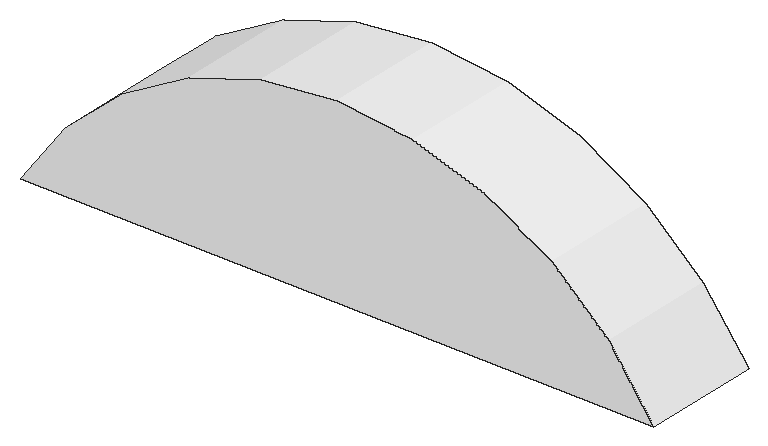
Revit family "JASMIN oprawa ścienna", category Lighting Fixtures, host Face, Revit 2015
Parameters (values of type "KANLUX JASMIN oprawa ścienna W/M-W 23758 biały")
  Wattage = 60 W
  built-in parameter 1150110 = 1 (stored number, unit not read)
  built-in parameter 1114217 = 1 (stored number, unit not read)
  Tilt Angle = 90.00°  # constant formula
  built-in parameter 1150109 = 1 (stored number, unit not read)
  built-in parameter 1150134 = (empty or 0)
  Szerokość = 116 mm  # constant formula
  built-in parameter 1150113 = 1 (stored number, unit not read)
  Photometric Web File = "generic"
  built-in parameter 1150142 = (empty or 0)
  Materiał klosz = KANLUX - klosz - szkło satynowe
  built-in parameter 1150105 = 716.2 (stored number, unit not read)
  Lumens = 9000 lm
  built-in parameter 1150115 = 1 (stored number, unit not read)
  built-in parameter 1150137 = (empty or 0)
  built-in parameter 1150139 = (empty or 0)
  built-in parameter 1150112 = 1 (stored number, unit not read)
  built-in parameter 1150114 = 1 (stored number, unit not read)
  Kod = "23758"
  Keynote = ""
  built-in parameter 1150132 = (empty or 0)
  built-in parameter 1150102 = (empty or 0)
  built-in parameter 1150107 = 3000 (stored number, unit not read)
  built-in parameter 1150138 = (empty or 0)
  built-in parameter 1150106 = 7.162 (stored number, unit not read)
  built-in parameter 1150104 = 13.935 (stored number, unit not read)
  Wysokość = 76 mm  # constant formula
  Współczynnik mocy = 1
  URL = "www.kanlux.pl/pl"
  Manufacturer = "KANLUX"  # constant formula
  Długość = 407 mm  # constant formula
  Dimming Lamp Color Temperature Shift = <None>
  Color Filter = 16777215
  built-in parameter 1114218 = 1 (stored number, unit not read)
  built-in parameter 1150133 = 10 (stored number, unit not read)
  Apparent Load = Moc oprawy / Współczynnik mocy  # 60 VA
  Model = "JASMIN W/M-W"
  Wattage Comments = "60"
  Moc oprawy = 60 W
  Materiał obudowa = KANLUX - obudowa - biały
  Lamp = ""
  Klasyfikacja obciążenia = Oświetlenie
  IP = "IP20"  # constant formula
  Default Elevation = 0 mm
Types (3, lengths in mm): name | Kod | URL | Model | Materiał obudowa
  KANLUX JASMIN oprawa ścienna W-W 23757 biały dab | "23757" | "www.kanlux.pl" | "JASMIN W-W" | KANLUX - obudowa - biały dąb
  KANLUX JASMIN oprawa ścienna WE-W 23756 wenge | "23756" | "www.kanlux.pl" | "JASMIN WE-W" | KANLUX - obudowa - wenge
  KANLUX JASMIN oprawa ścienna W/M-W 23758 biały | "23758" | "www.kanlux.pl/pl" | "JASMIN W/M-W" | KANLUX - obudowa - biały
Reference planes
  plane 1 "Środek (Przód/Tył)": y = 0
  plane 2: z = 0
  plane 3 "Środek (Lewa/Prawa)": x = 0
  plane 4: x = -203.5
  plane 5: x = 203.5
  plane 6: z = 116
  plane 7: y = 38
  plane 8: y = -38
  plane 9: y = 38
  plane 10: y = 35
  plane 11: z = 58
Forms (mm)
  Extrusion 1, solid, material "KANLUX - obudowa - biały" <- "Materiał obudowa"
    sketch origin (0, 0, 0) x (1, 0, 0) y (0, 0, 1)
      loop
        line (-203.5, 0) -> (203.5, 0)
        arc (203.5, 0) -> (0, 116) -> (-203.5, 0) r 236.501
    from -38 to 38
  Extrusion 2, void
    sketch origin (0, 0, 0) x (1, 0, 0) y (0, 0, 1)
      loop
        arc (197.667, 0) -> (0, 111) -> (-197.667, 0) r 231.501
        line (-197.667, 0) -> (197.667, 0)
    from -38 to -35
  Extrusion 3, solid, material "KANLUX - klosz - szkło satynowe" <- "Materiał klosz"
    sketch origin (0, 0, 0) x (1, 0, 0) y (0, 0, 1)
      loop
        arc (197.667, 0) -> (0, 111) -> (-197.667, 0) r 231.501
        line (-197.667, 0) -> (197.667, 0)
    from -38 to -35
Cuts and joins
  Extrusion 2 cuts Extrusion 1
Dimensions and locks
  "Wysokość": plane 7 to plane 8
  equal spacing: plane 9, plane 1 "Środek (Przód/Tył)", plane 8
  locked: plane 9 to plane 10 at 3
  locked: plane 5 to plane 4 at 407
  equal spacing: plane 5, plane 3 "Środek (Lewa/Prawa)", plane 4
  locked: plane 6 to level at 116
  equal spacing: plane 6, plane 11, host face
  aligned and locked: plane 2 to host face
  aligned and locked: level to host face
  aligned and locked: Extrusion 1 to plane 7
  aligned and locked: Extrusion 1 to plane 8
  aligned and locked: Extrusion 2 to plane 9
  aligned and locked: plane 10 to cut or joined group of Extrusion 1, Extrusion 2
  aligned and locked: Extrusion 3 to plane 9
  aligned and locked: plane 10 to Extrusion 3
  aligned and locked: imposter light to plane 11
  aligned and locked: plane 3 "Środek (Lewa/Prawa)" to imposter light
  aligned and locked: imposter light to plane 9
Automatic sketch dimensions
  host sketch curve to host sketch curve = 2438.4 mm  (x2)
  Extrusion 1 sketch curve to level = 0 mm
  Extrusion 1 sketch curve to plane 4 = 0 mm
  Extrusion 1 sketch curve to plane 3 "Środek (Lewa/Prawa)" = 0 mm
  Extrusion 1 sketch curve to level = 120.501 mm
  Extrusion 2 sketch curve to level = 0 mm
  Extrusion 2 sketch curve to plane 3 "Środek (Lewa/Prawa)" = 0 mm
  plane 4 to Extrusion 2 sketch curve = 5.833 mm
  Extrusion 2 sketch curve to level = 120.501 mm
  Extrusion 3 sketch curve to plane 3 "Środek (Lewa/Prawa)" = 0 mm
  Extrusion 3 sketch curve to level = 120.501 mm
  plane 4 to Extrusion 3 sketch curve = 5.833 mm
  Extrusion 3 sketch curve to level = 0 mm
Connectors
  electrical at (0, 0, 0), driven by "Apparent Load", driven by "Współczynnik mocy", driven by "Klasyfikacja obciążenia"
    settings: on host face, index 1, voltage 230 V, apparent load 60 VA, apparent load phase1 0 VA, apparent load phase2 0 VA, apparent load phase3 0 VA, power factor 1, load classification "Oświetlenie", number of poles 1, system type 30, power factor state 1, is connector primary yes, connector utility no, sub classification motor no, connector description ""
